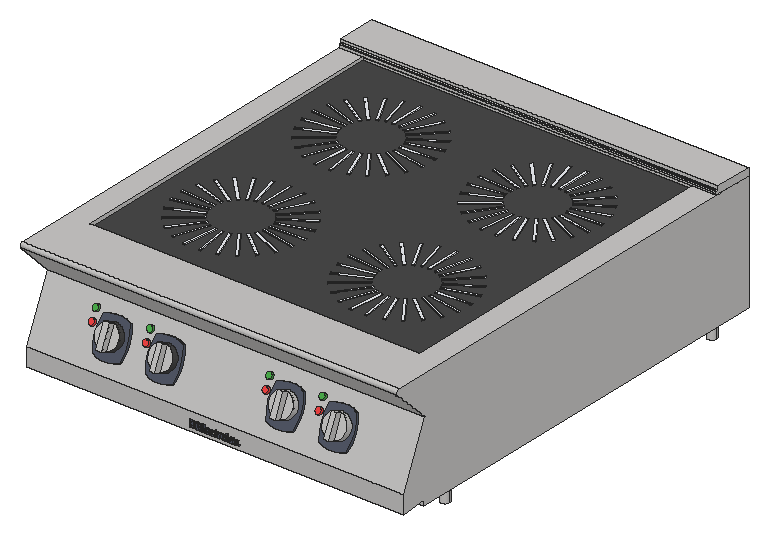
Revit family "QF_ELECTROLUXPROFESSIONAL_391169_E9INEH400N", category Specialty Equipment, Revit 2018 (continued)
Definition of nested family "INDUCTION BURNER"
  Automatic sketch dimensions
    curve 17 to curve 16 = 7.786 mm
    curve 47 to curve 49 = 8.434 mm
    curve 13 to curve 11 = 8.949 mm
    curve 54 to plane 5 "FRONT" = 0.724 mm
    curve 53 to curve 54 = 4.961 mm
    curve 56 to plane 7 "Center Y" = 4.812 mm
    curve 2 to plane 7 "Center Y" = 2.5 mm
    plane 7 "Center Y" to curve 1 = 2.5 mm
    plane 7 "Center Y" to curve 57 = 4.812 mm
    plane 7 "Center Y" to curve 58 = 14.001 mm
    curve 57 to plane 5 "FRONT" = 0.724 mm
    curve 58 to curve 58 = 4.961 mm
    curve 59 to curve 64 = 9.322 mm
    curve 61 to curve 64 = 4.649 mm
    curve 5 to curve 100 = 8.949 mm
    plane 1 "BACK" to curve 6 = 3.51 mm
    curve 63 to curve 65 = 8.434 mm
    curve 6 to curve 6 = 4.843 mm
    curve 65 to curve 67 = 4.045 mm
    curve 97 to curve 96 = 7.786 mm
    curve 95 to curve 96 = 3.645 mm
    curve 67 to curve 72 = 7.016 mm
    curve 62 to plane 5 "FRONT" = 8.314 mm
    curve 69 to curve 71 = 3.187 mm
    curve 93 to curve 92 = 6.135 mm
    curve 71 to curve 76 = 5.157 mm
    curve 73 to curve 76 = 2.129 mm
    curve 75 to plane 8 "Center X" = 22.512 mm
    curve 89 to curve 88 = 4.098 mm
    plane 8 "Center X" to curve 88 = 15.603 mm
    curve 75 to curve 77 = 2.974 mm
    curve 79 to plane 8 "Center X" = 8.447 mm
    curve 77 to curve 79 = 0.937 mm
    curve 85 to curve 84 = 1.803 mm
    plane 8 "Center X" to curve 84 = 1.158 mm
    curve 83 to curve 84 = 0.314 mm
    plane 1 "BACK" to curve 98 = 15.061 mm
    curve 98 to curve 98 = 4.382 mm
    curve 66 to curve 70 = 20.413 mm
    curve 91 to plane 4 "RIGHT" = 21.81 mm
    curve 90 to curve 90 = 2.679 mm
    curve 74 to plane 4 "RIGHT" = 13.58 mm
    curve 86 to plane 4 "RIGHT" = 7.209 mm
    curve 86 to curve 86 = 1.545 mm
    curve 79 to plane 4 "RIGHT" = 1.861 mm
    curve 82 to plane 4 "RIGHT" = 0.103 mm
    curve 46 to curve 46 = 2.939 mm
    curve 45 to curve 42 = 19.169 mm
    curve 66 to curve 70 = 19.169 mm
    curve 69 to curve 71 = 3.853 mm
    curve 56 to curve 60 = 0 mm
    curve 55 to curve 53 = 0.627 mm
    curve 57 to curve 59 = 0.627 mm
    curve 53 to curve 52 = 2.394 mm
    curve 59 to curve 61 = 2.394 mm
    curve 73 to curve 75 = 4.524 mm
    curve 51 to curve 49 = 1.841 mm
    curve 61 to curve 63 = 1.841 mm
    curve 49 to curve 48 = 4.637 mm
    curve 63 to curve 65 = 4.637 mm
    curve 65 to curve 67 = 2.939 mm
    curve 67 to curve 72 = 6.589 mm
    curve 45 to curve 44 = 6.589 mm
    curve 43 to curve 44 = 3.853 mm
    curve 39 to curve 37 = 4.524 mm
    curve 77 to curve 78 = 4.911 mm
    curve 34 to curve 33 = 4.911 mm
    plane 8 "Center X" to curve 31 = 5.762 mm
    plane 8 "Center X" to curve 81 = 5.762 mm
    curve 30 to curve 30 = 4.99 mm
    curve 81 to curve 83 = 4.99 mm
    curve 87 to curve 89 = 8.709 mm
    curve 25 to curve 23 = 8.709 mm
    curve 23 to curve 21 = 4.222 mm
    curve 91 to curve 96 = 7.416 mm
    curve 21 to curve 20 = 7.416 mm
    curve 26 to curve 26 = 4.755 mm
    curve 86 to curve 86 = 4.755 mm
    curve 19 to curve 20 = 3.423 mm
    curve 93 to curve 95 = 3.423 mm
    curve 17 to curve 16 = 5.657 mm
    curve 95 to curve 97 = 5.657 mm
    curve 16 to curve 13 = 2.409 mm
    curve 97 to curve 100 = 2.409 mm
    curve 99 to curve 8 = 3.543 mm
    curve 13 to curve 11 = 3.543 mm
    curve 5 to curve 8 = 1.243 mm
    curve 11 to curve 12 = 1.243 mm
    curve 9 to curve 3 = 1.206 mm
    curve 90 to curve 91 = 4.222 mm
    curve 91 to curve 94 = 21.576 mm
    plane 1 "BACK" to Extrusion 1 sketch curve = 0 mm
    plane 3 "LEFT" to Extrusion 1 sketch curve = 0.103 mm
    plane 3 "LEFT" to Extrusion 1 sketch curve = 0.416 mm
    plane 3 "LEFT" to Extrusion 1 sketch curve = 1.861 mm
    plane 3 "LEFT" to Extrusion 1 sketch curve = 2.798 mm
    plane 3 "LEFT" to Extrusion 1 sketch curve = 5.664 mm
    Extrusion 1 sketch curve to Extrusion 1 sketch curve = 1.545 mm  (x2)
    plane 3 "LEFT" to Extrusion 1 sketch curve = 11.451 mm
    Extrusion 1 sketch curve to Extrusion 1 sketch curve = 2.129 mm  (x2)
    plane 3 "LEFT" to Extrusion 1 sketch curve = 19.131 mm
    Extrusion 1 sketch curve to Extrusion 1 sketch curve = 2.679 mm  (x2)
    Extrusion 1 sketch curve to Extrusion 1 sketch curve = 15.004 mm
    Extrusion 1 sketch curve to Extrusion 1 sketch curve = 3.187 mm  (x2)
    Extrusion 1 sketch curve to Extrusion 1 sketch curve = 17.849 mm
    plane 1 "BACK" to Extrusion 1 sketch curve = 33.929 mm
    Extrusion 1 sketch curve to Extrusion 1 sketch curve = 3.645 mm  (x2)
    Extrusion 1 sketch curve to Extrusion 1 sketch curve = 20.413 mm  (x2)
    Extrusion 1 sketch curve to plane 5 "FRONT" = 23.645 mm  (x2)
    Extrusion 1 sketch curve to Extrusion 1 sketch curve = 4.045 mm  (x2)
    Extrusion 1 sketch curve to Extrusion 1 sketch curve = 22.654 mm  (x2)
    plane 1 "BACK" to Extrusion 1 sketch curve = 15.061 mm  (x2)
    Extrusion 1 sketch curve to Extrusion 1 sketch curve = 4.382 mm  (x2)
    plane 8 "Center X" to Extrusion 1 sketch curve = 1.158 mm  (x2)
    Extrusion 1 sketch curve to plane 7 "Center Y" = 58.228 mm
    Extrusion 1 sketch curve to plane 8 "Center X" = 8.447 mm  (x2)
    Extrusion 1 sketch curve to Extrusion 1 sketch curve = 0.604 mm
    plane 8 "Center X" to Extrusion 1 sketch curve = 15.603 mm  (x2)
    Extrusion 1 sketch curve to Extrusion 1 sketch curve = 1.803 mm  (x2)
    Extrusion 1 sketch curve to plane 8 "Center X" = 22.512 mm  (x2)
    Extrusion 1 sketch curve to Extrusion 1 sketch curve = 2.974 mm  (x2)
    Extrusion 1 sketch curve to plane 5 "FRONT" = 10.155 mm
    Extrusion 1 sketch curve to Extrusion 1 sketch curve = 24.538 mm  (x2)
    Extrusion 1 sketch curve to Extrusion 1 sketch curve = 4.098 mm  (x2)
    Extrusion 1 sketch curve to Extrusion 1 sketch curve = 5.157 mm  (x2)
    Extrusion 1 sketch curve to plane 5 "FRONT" = 8.314 mm  (x2)
    Extrusion 1 sketch curve to Extrusion 1 sketch curve = 4.649 mm  (x2)
    Extrusion 1 sketch curve to Extrusion 1 sketch curve = 6.135 mm  (x2)
    Extrusion 1 sketch curve to Extrusion 1 sketch curve = 7.016 mm  (x2)
    plane 1 "BACK" to Extrusion 1 sketch curve = 4.753 mm
    Extrusion 1 sketch curve to Extrusion 1 sketch curve = 26.036 mm  (x2)
    plane 1 "BACK" to Extrusion 1 sketch curve = 3.51 mm  (x2)
    Extrusion 1 sketch curve to Extrusion 1 sketch curve = 4.843 mm  (x2)
    Extrusion 1 sketch curve to Extrusion 1 sketch curve = 7.786 mm  (x2)
    Extrusion 1 sketch curve to Extrusion 1 sketch curve = 8.434 mm  (x2)
    Extrusion 1 sketch curve to plane 5 "FRONT" = 1.35 mm
    Extrusion 1 sketch curve to plane 7 "Center Y" = 18.962 mm
    Extrusion 1 sketch curve to Extrusion 1 sketch curve = 8.949 mm  (x2)
    Extrusion 1 sketch curve to plane 5 "FRONT" = 0.724 mm  (x2)
    Extrusion 1 sketch curve to Extrusion 1 sketch curve = 4.961 mm  (x2)
    Extrusion 1 sketch curve to Extrusion 1 sketch curve = 9.322 mm  (x2)
    Extrusion 1 sketch curve to plane 7 "Center Y" = 2.5 mm
    plane 7 "Center Y" to Extrusion 1 sketch curve = 2.5 mm
    plane 7 "Center Y" to Extrusion 1 sketch curve = 4.812 mm
    Extrusion 1 sketch curve to Extrusion 1 sketch curve = 9.549 mm
    plane 7 "Center Y" to Extrusion 1 sketch curve = 14.001 mm
    Extrusion 1 sketch curve to Extrusion 1 sketch curve = 27.781 mm
    Extrusion 1 sketch curve to Extrusion 1 sketch curve = 27.122 mm
    plane 8 "Center X" to Extrusion 1 sketch curve = 29.067 mm
    plane 8 "Center X" to Extrusion 1 sketch curve = 20.358 mm
    Extrusion 1 sketch curve to plane 8 "Center X" = 13.359 mm
    Extrusion 1 sketch curve to Extrusion 1 sketch curve = 0.937 mm
    plane 8 "Center X" to Extrusion 1 sketch curve = 6.149 mm
    Extrusion 1 sketch curve to Extrusion 1 sketch curve = 0.314 mm
    Extrusion 1 sketch curve to plane 4 "RIGHT" = 21.81 mm
    Extrusion 1 sketch curve to plane 4 "RIGHT" = 13.58 mm
    Extrusion 1 sketch curve to plane 4 "RIGHT" = 7.209 mm
    Extrusion 1 sketch curve to plane 4 "RIGHT" = 2.798 mm
    Extrusion 1 sketch curve to plane 4 "RIGHT" = 0.416 mm
    Extrusion 1 sketch curve to Extrusion 1 sketch curve = 0.627 mm
    Extrusion 1 sketch curve to Extrusion 1 sketch curve = 1.841 mm
    Extrusion 1 sketch curve to Extrusion 1 sketch curve = 2.939 mm  (x2)
    Extrusion 1 sketch curve to Extrusion 1 sketch curve = 19.169 mm  (x2)
    Extrusion 1 sketch curve to Extrusion 1 sketch curve = 3.853 mm  (x2)
    Extrusion 1 sketch curve to Extrusion 1 sketch curve = 23.643 mm  (x2)
    Extrusion 1 sketch curve to plane 8 "Center X" = 27.096 mm
    plane 8 "Center X" to Extrusion 1 sketch curve = 5.762 mm
    Extrusion 1 sketch curve to Extrusion 1 sketch curve = 4.755 mm
    Extrusion 1 sketch curve to Extrusion 1 sketch curve = 8.709 mm
    Extrusion 1 sketch curve to Extrusion 1 sketch curve = 4.222 mm  (x2)
    Extrusion 1 sketch curve to Extrusion 1 sketch curve = 7.416 mm  (x2)
    Extrusion 1 sketch curve to Extrusion 1 sketch curve = 3.423 mm
    Extrusion 1 sketch curve to Extrusion 1 sketch curve = 5.657 mm  (x2)
    Extrusion 1 sketch curve to Extrusion 1 sketch curve = 3.543 mm
    Extrusion 1 sketch curve to Extrusion 1 sketch curve = 1.206 mm
